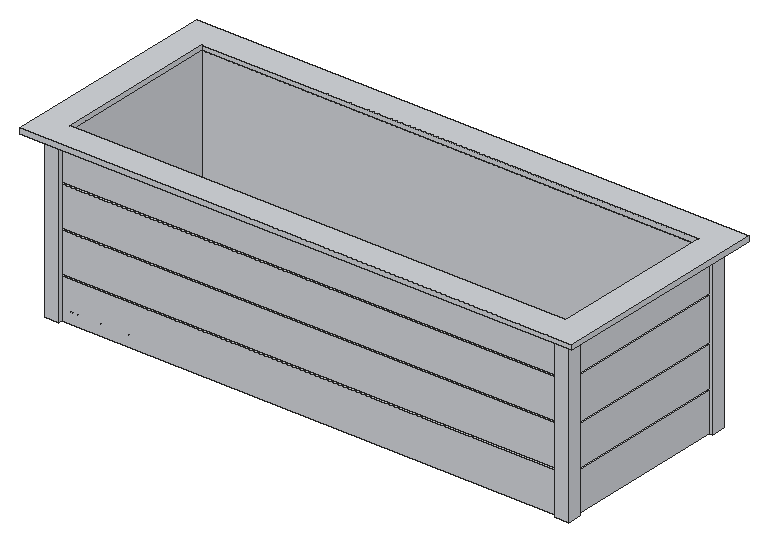
Revit family "Planter_CityScapes", category Generic Models, Revit 2020
Family settings
  Can host rebar = No
  Round Connector Dimension = Use Diameter
  Part Type = Normal
  Work Plane-Based = No
  Always vertical = Yes
  Cut with Voids When Loaded = No
  Shared = No
  Room Calculation Point = No
Parameters (values of type "24 x 72 x 24")
  VoidDepth = 0' - 0 1/4"
  URL = "https://cityscapesinc.com/products/envisor"
  TopTrim_Width = 0' - 4"
  TopTrim_Depth = 0' - 0 3/4"
  Specification = "https://www.arcat.com/company/cityscapes-international-inc-40042/spec"
  Product Page URL = "https://www.arcat.com/arcatcos/cos40/arc40042.html"
  Planter_Material [instance] = none
  PL_Width = 6' - 0"
  PL_Length = 2' - 0"
  PL_Height = 2' - 0"
  Material = none
  Manufacturer = "Envisor"
  Keynote = "32 94 33"
  Frame_Thickness = 0' - 2"
  Fascia_Depth = 0' - 0 1/2"
  Default Elevation = 0' - 0"
  Copyright = "ARCAT"
  CAD Details = "https://www.arcat.com/company/cityscapes-international-inc-40042/cad"
Types (6): name | PL_Width | PL_Length
  24 x 48 x 24 | 2' - 0" | 4' - 0"
  24 x 72 x 24 | 6' - 0" | 2' - 0"
  24 x 24 x 24 | 2' - 0" | 2' - 0"
  24 x 60 x 24 | 5' - 0" | 2' - 0"
  18 x 72 x 24 | 6' - 0" | 1' - 6"
  18 x 48 x 24 | 1' - 6" | 4' - 0"
Reference planes (in)
  plane 1 "Center (Front/Back)": y = 0
  plane 2: z = 0
  plane 3 "Center (Left/Right)": x = 0
  plane 4: y = 16
  plane 5: y = -16
  plane 6: x = -40
  plane 7: x = 40
  plane 8: z = 24.75
  plane 9: x = 36
  plane 10: x = -36
  plane 11: y = 12
  plane 12: y = -12
  plane 13: z = 24
  plane 14: x = -38
  plane 15: x = 38
  plane 16: y = -14
  plane 17: y = 14
  plane 18: x = -37.5
  plane 19: x = 37.5
  plane 20: z = 18
  plane 21: z = 12
  plane 22: z = 6
  plane 23: z = 23.75
  plane 24: x = -36.875
  plane 25: x = 36.875
  plane 26: y = 13.5
  plane 27: y = -13.5
  plane 28: y = 12.875
  plane 29: y = -12.875
  plane 30: z = 0.5
  plane 31: z = -1.04082
  plane 32: z = -0.79082
  plane 33: z = 0.25
Forms (in)
  Extrusion 1, solid, material <- "Planter_Material"
    sketch origin (0, 0, 0) x (1, 0, 0) y (0, 1, 0)
      loop
        line (-36, 12) -> (-36, -12) -> (36, -12) -> (36, 12) -> (-36, 12)
      loop
        line (-38, 14) -> (-38, -14) -> (38, -14) -> (38, 14) -> (-38, 14)
    from 0 to 24
  Extrusion 2, solid, material <- "Planter_Material"
    sketch origin (0, 0, 0) x (1, 0, 0) y (0, 1, 0)
      loop
        line (-40, 16) -> (-40, -16) -> (40, -16) -> (40, 16) -> (-40, 16)
      loop
        line (36, 12) -> (-36, 12) -> (-36, -12) -> (36, -12) -> (36, 12)
    from 24 to 24.75
  Extrusion 3, void
    sketch origin (0, 0, 0) x (1, 0, 0) y (0, 0, 1)
      loop
        line (-38, 24) -> (-38, 0) -> (-37.5, 0) -> (-37.5, 5.875) -> (-36.875, 5.875) -> (-36.875, 6.125) -> (-37.5, 6.125) -> (-37.5, 11.875) -> (-36.875, 11.875) -> (-36.875, 12.125) -> (-37.5, 12.125) -> (-37.5, 17.875) -> (-36.875, 17.875) -> (-36.875, 18.125) -> (-37.5, 18.125) -> (-37.5, 23.75) -> (-36.875, 23.75) -> (-36.875, 24) -> (-38, 24)
    from -12 to 12
  Extrusion 4, void
    sketch origin (0, 0, 0) x (-1, 0, 0) y (0, 0, -1)
      loop
        line (-38, -24) -> (-36.875, -24) -> (-36.875, -23.75) -> (-37.5, -23.75) -> (-37.5, -18.125) -> (-36.875, -18.125) -> (-36.875, -17.875) -> (-37.5, -17.875) -> (-37.5, -11.73352) -> (-36.875, -11.73352) -> (-36.875, -11.48352) -> (-37.5, -11.48352) -> (-37.5, -5.8148) -> (-36.875, -5.8148) -> (-36.875, -5.5648) -> (-37.5, -5.5648) -> (-37.5, 0) -> (-38, 0) -> (-38, -24)
    from -12 to 12
  Extrusion 5, void
    sketch origin (0, 0, 0) x (0, 1, 0) y (0, 0, 1)
      loop
        line (14, 24) -> (12.875, 24) -> (12.875, 23.75) -> (13.5, 23.75) -> (13.5, 18.125) -> (12.875, 18.125) -> (12.875, 17.875) -> (13.5, 17.875) -> (13.5, 12.125) -> (12.875, 12.125) -> (12.875, 11.875) -> (13.5, 11.875) -> (13.5, 6.125) -> (12.875, 6.125) -> (12.875, 5.875) -> (13.5, 5.875) -> (13.5, 0) -> (14, 0) -> (14, 24)
      loop
        line (-14, 24) -> (-14, 0) -> (-13.5, 0) -> (-13.5, 5.875) -> (-12.875, 5.875) -> (-12.875, 6.125) -> (-13.5, 6.125) -> (-13.5, 11.875) -> (-12.875, 11.875) -> (-12.875, 12.125) -> (-13.5, 12.125) -> (-13.5, 17.875) -> (-12.875, 17.875) -> (-12.875, 18.125) -> (-13.5, 18.125) -> (-13.5, 23.75) -> (-12.875, 23.75) -> (-12.875, 24) -> (-14, 24)
    from -36 to 36
  Blend 6, solid, material <- "Planter_Material"
    base sketch origin (0, 0, 0) x (1, 0, 0) y (0, 1, 0)
      loop
        line (33.99599, -10) -> (33.99599, 10) -> (-34.00401, 10) -> (-34.00401, -10) -> (33.99599, -10)
    top sketch origin (0, 0, 0) x (1, 0, 0) y (0, 1, 0)
      loop
        line (36, -12) -> (36, 12) -> (-36, 12) -> (-36, -12) -> (36, -12)
    from -1.04082 to 0.5
  Blend 7, void
    base sketch origin (0, 0, 0) x (1, 0, 0) y (0, 1, 0)
      loop
        line (-33.75401, 9.75) -> (-33.75401, -9.75) -> (33.74599, -9.75) -> (33.74599, 9.75) -> (-33.75401, 9.75)
    top sketch origin (0, 0, 0) x (1, 0, 0) y (0, 1, 0)
      loop
        line (-35.75, 11.75) -> (-35.75, -11.75) -> (35.75, -11.75) -> (35.75, 11.75) -> (-35.75, 11.75)
    from -0.79082 to 0.78934
Cuts and joins
  Extrusion 3, Extrusion 4, Extrusion 5 cuts Extrusion 1
  Blend 7 cuts Blend 6
Dimensions and locks (in)
  "PL_Width": plane 10 to plane 9
  "PL_Length": plane 11 to plane 12
  "TopTrim_Width": plane 6 to plane 10
  "TopTrim_Width": plane 4 to plane 11
  "TopTrim_Width": plane 12 to plane 5
  "TopTrim_Width": plane 9 to plane 7
  "TopTrim_Depth": plane 8 to plane 13
  "PL_Height": plane 13 to plane 2
  equal spacing: plane 10, plane 3 "Center (Left/Right)", plane 9
  equal spacing: plane 11, plane 1 "Center (Front/Back)", plane 12  (x2)
  "Frame_Thickness": plane 16 to plane 12
  "Frame_Thickness": plane 9 to plane 15
  "Frame_Thickness": plane 14 to plane 10
  "Frame_Thickness": plane 17 to plane 11
  plane 10 to plane 9 = 6' - 0"
  plane 11 to plane 12 = 2' - 0"
  plane 6 to plane 10 = 0' - 4"
  plane 4 to plane 11 = 0' - 4"
  plane 12 to plane 5 = 0' - 4"
  plane 9 to plane 7 = 0' - 4"
  plane 10 to plane 3 "Center (Left/Right)" to plane 9 = 3' - 0", 3' - 0"
  plane 16 to plane 12 = 0' - 2"
  plane 9 to plane 15 = 0' - 2"
  plane 14 to plane 10 = 0' - 2"
  plane 17 to plane 11 = 0' - 2"
  equal spacing: plane 13, plane 20, plane 21, plane 22, plane 2
  "VoidDepth": plane 13 to plane 23
  "VoidDepth": Extrusion 3 sketch curve to Extrusion 3 sketch curve  (x3)
  "VoidDepth": Extrusion 4 sketch curve to Extrusion 4 sketch curve  (x3)
  equal spacing: cut or joined group of Extrusion 1, Extrusion 3, Extrusion 4, Extrusion 5, plane 20, cut or joined group of Extrusion 1, Extrusion 3, Extrusion 4, Extrusion 5
  plane 21 to cut or joined group of Extrusion 1, Extrusion 3, Extrusion 4, Extrusion 5 to cut or joined group of Extrusion 1, Extrusion 3, Extrusion 4, Extrusion 5 = 0' - 0.26648", 0' - 0 1/4"
  "Fascia_Depth": plane 15 to plane 19
  "Fascia_Depth": plane 18 to plane 14
  "Fascia_Depth": plane 17 to plane 26
  "Fascia_Depth": plane 27 to plane 16
  equal spacing: Extrusion 5 sketch curve, plane 20, Extrusion 5 sketch curve
  equal spacing: Extrusion 5 sketch curve, plane 21, Extrusion 5 sketch curve
  equal spacing: Extrusion 5 sketch curve, plane 22, Extrusion 5 sketch curve
  "VoidDepth": Extrusion 5 sketch curve to Extrusion 5 sketch curve  (x6)
  Extrusion 5 sketch curve to Extrusion 5 sketch curve = 0' - 0 1/4"  (x3)
  locked: plane 24 to plane 18 at 0.625
  locked: plane 19 to plane 25 at 0.625
  locked: plane 26 to plane 28 at 0.625
  locked: plane 29 to plane 27 at 0.625
  equal spacing: Extrusion 3 sketch curve, plane 20, Extrusion 3 sketch curve
  cut or joined group of Extrusion 1, Extrusion 3, Extrusion 4, Extrusion 5 to plane 21 to cut or joined group of Extrusion 1, Extrusion 3, Extrusion 4, Extrusion 5 = 0' - 0 1/8", 0' - 0 1/8"
  equal spacing: Extrusion 3 sketch curve, plane 21, Extrusion 3 sketch curve
  cut or joined group of Extrusion 1, Extrusion 3, Extrusion 4, Extrusion 5 to plane 22 to cut or joined group of Extrusion 1, Extrusion 3, Extrusion 4, Extrusion 5 = 0' - 0 1/8", 0' - 0 1/8"
  equal spacing: Extrusion 3 sketch curve, plane 22, Extrusion 3 sketch curve
  locked: plane 30 to plane 2 at 0.5
  locked: Blend 6 sketch curve to cut or joined group of Extrusion 1, Extrusion 3, Extrusion 4, Extrusion 5 at 2  (x2)
  locked: cut or joined group of Extrusion 1, Extrusion 3, Extrusion 4, Extrusion 5 to Blend 6 sketch curve at 1.99599
  locked: Blend 6 sketch curve to cut or joined group of Extrusion 1, Extrusion 3, Extrusion 4, Extrusion 5 at 2.00401
  plane 30 to Blend 6 = 0' - 1.54082"
  plane 32 to plane 31 = 0' - 0 1/4"
  plane 30 to plane 33 = 0' - 0 1/4"
  aligned and locked: plane 2 to level
  aligned and locked: Extrusion 1 sketch curve to plane 11
  aligned and locked: plane 10 to Extrusion 1 sketch curve
  aligned and locked: plane 12 to Extrusion 1 sketch curve
  aligned and locked: Extrusion 1 sketch curve to plane 9
  aligned and locked: Extrusion 1 sketch curve to plane 15
  aligned and locked: Extrusion 1 sketch curve to plane 17
  aligned and locked: plane 14 to Extrusion 1 sketch curve
  aligned and locked: Extrusion 1 sketch curve to plane 16
  aligned and locked: plane 13 to Extrusion 1
  aligned and locked: Extrusion 1 to plane 2
  aligned and locked: Extrusion 2 sketch curve to plane 4
  aligned and locked: plane 6 to Extrusion 2 sketch curve
  aligned and locked: plane 5 to Extrusion 2 sketch curve
  aligned and locked: Extrusion 2 sketch curve to plane 7
  aligned and locked: plane 11 to Extrusion 2 sketch curve
  aligned and locked: plane 9 to Extrusion 2 sketch curve
  aligned and locked: Extrusion 2 sketch curve to plane 12
  aligned and locked: Extrusion 2 sketch curve to plane 10
  aligned and locked: plane 8 to Extrusion 2
  aligned and locked: Extrusion 2 to plane 13
  aligned and locked: Extrusion 3 sketch curve to plane 14
  aligned and locked: Extrusion 3 sketch curve to plane 18
  aligned and locked: Extrusion 3 sketch curve to plane 13
  aligned and locked: Extrusion 3 sketch curve to plane 2
  aligned and locked: plane 23 to Extrusion 3 sketch curve
  aligned and locked: Extrusion 3 sketch curve to plane 24  (x3)
  aligned and locked: plane 24 to Extrusion 3 sketch curve
  aligned and locked: Extrusion 4 sketch curve to plane 15
  aligned and locked: Extrusion 4 sketch curve to plane 19  (x4)
  aligned and locked: plane 25 to Extrusion 4 sketch curve
  aligned and locked: Extrusion 4 sketch curve to plane 25  (x3)
  aligned and locked: cut or joined group of Extrusion 1, Extrusion 3, Extrusion 4, Extrusion 5 to plane 12  (x2)
  aligned and locked: plane 11 to cut or joined group of Extrusion 1, Extrusion 3, Extrusion 4, Extrusion 5  (x2)
  aligned and locked: Extrusion 5 sketch curve to plane 17
  aligned and locked: plane 2 to Extrusion 5 sketch curve
  aligned and locked: Extrusion 5 sketch curve to plane 13
  aligned and locked: plane 28 to Extrusion 5 sketch curve  (x4)
  aligned and locked: plane 23 to Extrusion 5 sketch curve
  aligned and locked: plane 16 to Extrusion 5 sketch curve
  aligned and locked: plane 27 to Extrusion 5 sketch curve  (x4)
  aligned and locked: Extrusion 5 sketch curve to plane 2
  aligned and locked: Extrusion 5 sketch curve to plane 29  (x3)
  aligned and locked: plane 29 to Extrusion 5 sketch curve
  aligned and locked: cut or joined group of Extrusion 1, Extrusion 3, Extrusion 4, Extrusion 5 to plane 10
  aligned and locked: plane 9 to cut or joined group of Extrusion 1, Extrusion 3, Extrusion 4, Extrusion 5
  aligned and locked: Blend 6 sketch curve to cut or joined group of Extrusion 1, Extrusion 3, Extrusion 4, Extrusion 5  (x4)
  aligned and locked: Blend 6 to plane 30
  aligned and locked: Blend 6 to plane 31
  aligned and locked: Blend 7 to plane 32
Automatic sketch dimensions
  Extrusion 4 sketch curve to level = 0' - 0"
  Extrusion 4 sketch curve to plane 23 = 0' - 0"
  Extrusion 4 sketch curve to plane 13 = 0' - 0"
  plane 22 to Extrusion 4 sketch curve = 0' - 0.4352"
  plane 21 to Extrusion 4 sketch curve = 0' - 0.51648"
  plane 20 to Extrusion 4 sketch curve = 0' - 0 1/8"
  Extrusion 5 sketch curve to plane 13 = 0' - 0"
  Extrusion 5 sketch curve to plane 23 = 0' - 0"
  Extrusion 5 sketch curve to plane 26 = 0' - 0"  (x4)
  Extrusion 5 sketch curve to plane 22 = 0' - 0 1/8"
  Extrusion 5 sketch curve to plane 21 = 0' - 0 1/8"
  Extrusion 5 sketch curve to plane 20 = 0' - 0 1/8"
  Extrusion 3 sketch curve to plane 18 = 0' - 0"  (x3)
  plane 10 to Blend 7 sketch curve = 0' - 2.24599"
  Blend 7 sketch curve to plane 9 = 0' - 2.25401"
  plane 12 to Blend 7 sketch curve = 0' - 2 1/4"
  Blend 7 sketch curve to plane 11 = 0' - 2 1/4"
  plane 10 to Blend 7 sketch curve = 0' - 0 1/4"
  Blend 7 sketch curve to plane 9 = 0' - 0 1/4"
  Blend 7 sketch curve to plane 11 = 0' - 0 1/4"
  plane 12 to Blend 7 sketch curve = 0' - 0 1/4"
